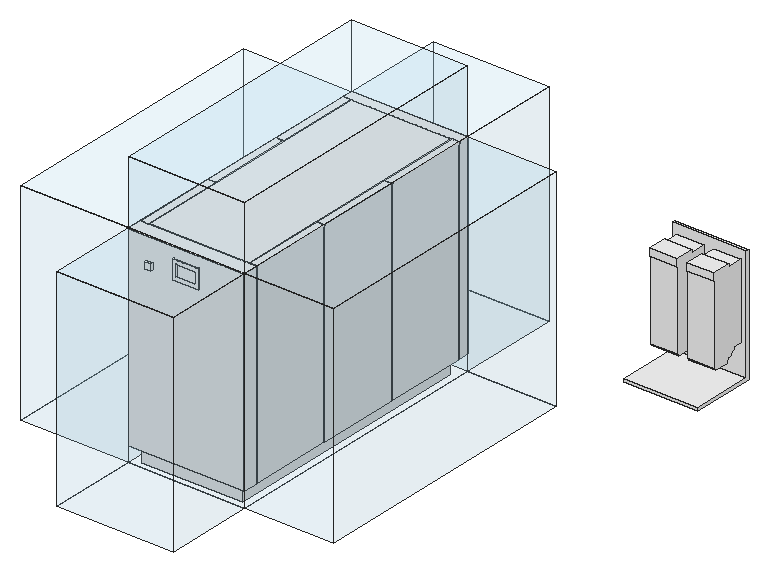
Revit family "VIESSMANN - Vitocal 350-G Pro 352 - C150", category Mechanical Equipment, Revit 2021
Family settings
  Round Connector Dimension = Use Diameter
  Part Type = Normal
  OmniClass Number = 23.75.10.21.17
  OmniClass Title = Water-Source Heat Pumps
  Work Plane-Based = No
  Always vertical = Yes
  Cut with Voids When Loaded = No
  Shared = No
  Room Calculation Point = No
Parameters (values of type "B0/W35")
  Wysokość całkowita = 1652.4 mm
  Waga przetwornicy częstotliwości wraz ze stelażem = 84.40 kg
  Odstęp minimalny pompy ciepła od ściany = "Odstęp minimalny pompy ciepła od ściany"  # constant formula
  Obieg wtórny. Strata ciśnienia przy znamionowym przepływie objętościowym = 10.0 kPa
  Obieg wtórny. Znamionowy przepływ objętościowy = 24.8 m³/h
  Obieg wtórny. Strata ciśnienia przy minimalnym przepływie objętościowym = 1.0 kPa
  Obieg wtórny. Pojemność wymiennika ciepła (woda) = 30.2 L
  Obieg wtórny. Różnica temperatur = "5 K"
  Obieg wtórny. Minimalny przepływ objętościowy = 8.7 m³/h
  Obieg wtórny. Maks. temperatura na zasilaniu obiegu wtórnego przy zasilaniu solanką z obiegu pierwotnego B –16°C = 56 °C
  Obieg wtórny. Maks. temperatura na zasilaniu obiegu wtórnego przy zasilaniu solanką z obiegu pierwotnego  B –7°C = 62 °C
  Obieg wtórny. Maks. temperatura na zasilaniu obiegu wtórnego przy zasilaniu solanką z obiegu pierwotnego B od –1 do 25°CB –1 = 75 °C
  Obieg pierwotny. Strata ciśnienia przy znamionowym przepływie objętościowym = 27.0 kPa
  Obieg pierwotny. Znamionowy przepływ objętościowy = 32.2 m³/h
  Znamionowe natężenie sprężarek (łącznie) = 63.4 A
  Znamionowa moc grzewcza = 144.6 kW
  Zakres mocy = "17 - 100%"
  Wydajność chłodnicza = 103.7 kW
  Stopień efektywności ∊ (COP) = 3.66
  Obieg pierwotny. Strata ciśnienia przy minimalnym przepływie = 8.0 kPa
  Obieg pierwotny. Pojemność wymiennika ciepła (solanka) = 28.2 L
  Podaj długość odsunięcia przetwornicy [instance] = "Maksymalny odstęp (c/d) - 1000/1400mm, 1500/900mm, 2000/400mm"  # constant formula
  Viessmann Kolor 1 = Viessmann Kolor 1
  URL = "https://www.viessmann.pl/"
  Szerokość całkowita = 911 mm
  Strefa serwisowa [instance] = yes
  Pobór mocy elektrycznej (bez pomp zewnętrznych) = 39.5 kW
  Odsunięcie przetwornicy wzdłuż "c" Rzeczywista [instance] = if([Odsunięcie przetwornicy wzdłuż "c"] > 2000 mm, 2000 mm, if([Odsunięcie przetwornicy wzdłuż "c"] < 500 mm, 500 mm, [Odsunięcie przetwornicy wzdłuż "c"]))  # 1000 mm
  Odsunięcie przetwornicy wzdłuż "c" [instance] = 1000 mm
  Odsunięcie przetwornicy w bok "d" Rzeczywista [instance] = if([Odsunięcie przetwornicy w bok "d"] > 1400 mm, 1400 mm, [Odsunięcie przetwornicy w bok "d"])  # 1400 mm
  Odsunięcie przetwornicy w bok "d" [instance] = 1400 mm
  Minimalna kubatura pomieszczenia = 58.00 m³
  Obieg wtórny. Min. temperatura na zasilaniu zasobnika lodu = 29 °C
  KOMUNIKAT [instance] = "Max. Długość przewodu od obudowy  - 2400 mm"  # constant formula
  Długość strefy serwisowej od ściany prawej = 700 mm  # constant formula
  Długość strefy serwisowej od ściany lewej = 850 mm  # constant formula
  Długość strefy serwisowej od tyłu "b" = 800 mm  # constant formula
  Obieg pierwotny. Różnica temperatur = "3 K"
  Obieg pierwotny. Min. temperatura solanki na wlocie na granicy zabezpieczenia przed zamrożeniem –25,2°C (40% obj.) = -16 °C
  Obieg pierwotny. Min. temperatura solanki na wlocie na granicy zabezpieczenia przed zamrożeniem –16,1°C (30% obj.) = -7 °C
  Obieg pierwotny. Granica zabezpieczenia przed zamrożeniem. Źródła ciepła - grunt i woda = -16.1 °C
  Obieg pierwotny. Granica zabezpieczenia przed zamrożeniem. Źródła ciepła -  powietrze i zasobnik lodu = -25.2 °C
  Obieg pierwotny. Minimalny przepływ objętościowy (50% znamionowego przepływu objętościowego w przypadku B0/W35) = 16.1 m³/h
  Masa urządzenia podstwowego = 1450.00 kg
  Manufacturer = "Viessmann Sp. z o.o."
  Długość przewodu od obudowy ciepła (c+d) Rzeczywista [instance] = [Odsunięcie przetwornicy wzdłuż "c"] + [Odsunięcie przetwornicy w bok "d"]  # 2400 mm
  Długość przewodu od obudowy ciepła (c+d) [instance] = if([Odsunięcie przetwornicy wzdłuż "c"] + [Odsunięcie przetwornicy w bok "d"] > 2399 mm, 2400 mm, [Długość przewodu od obudowy ciepła (c+d) Rzeczywista])  # 2400 mm
  Description = "Vitocal 350-G PRO to kompaktowa, monowalentna pompa ciepła typu solanka/woda do ogrzewania, chłodzenia oraz podgrzewu wody użytkowej. Jako źródło ciepła można wykorzystać grunt, wodę gruntową lub powietrze zewnętrzne. Dzięki czterem typom, Vitocal 350-G PRO jest elastycznym rozwiązaniem grzewczym i chłodniczym, spełniającym indywidualne wymagania budynków mieszkalnych, komercyjnych i przemysłowych."
  Model = "Pompy ciepła solanka /woda Vitocal 350-G PRO o temperaturze zasilania do 75°C\r"  # constant formula
  Długość strefy serwisowej od przodu "e" = 700 mm  # constant formula
  Długość całkowita = 2190 mm
  Default Elevation = 0 mm
  Autor = "www.archispace.pl"
Types (3, lengths in mm): name | Obieg wtórny. Strata ciśnienia przy znamionowym przepływie objętościowym | Obieg wtórny. Znamionowy przepływ objętościowy | Obieg wtórny. Strata ciśnienia przy minimalnym przepływie objętościowym | Obieg wtórny. Różnica temperatur | Obieg wtórny. Minimalny przepływ objętościowy | Obieg pierwotny. Strata ciśnienia przy znamionowym przepływie objętościowym | Obieg pierwotny. Znamionowy przepływ objętościowy | Znamionowe natężenie sprężarek (łącznie) | Znamionowa moc grzewcza | Wydajność chłodnicza | Stopień efektywności ∊ (COP) | Obieg pierwotny. Strata ciśnienia przy minimalnym przepływie | Pobór mocy elektrycznej (bez pomp zewnętrznych)
  (no name) | 10.0 kPa | 24.8 m³/h | 1.0 kPa | "5 K" | 8.7 m³/h | 27.0 kPa | 32.2 m³/h | 63.4 A | 144.6 kW | 103.7 kW | 3.66 | 8.0 kPa | 39.5 kW
  B0/W35 | 10.0 kPa | 24.8 m³/h | 1.0 kPa | "5 K" | 8.7 m³/h | 27.0 kPa | 32.2 m³/h | 63.4 A | 144.6 kW | 103.7 kW | 3.66 | 8.0 kPa | 39.5 kW
  B0/W55 | 2.0 kPa | 12.6 m³/h | 0.1 kPa | "8" | 4.2 m³/h | 14.0 kPa | 23.0 m³/h | 69.6 A | 116.7 kW | 72.7 kW | 2.66 | 4.0 kPa | 43.5 kW
Reference planes
  plane 1 "Środek (Przód/Tył)": y = 50
  plane 2: z = 0
  plane 3 "Środek (Lewa/Prawa)": x = 0
  plane 4: y = 50
  plane 5: y = -2140
  plane 6: y = -2140
  plane 7: z = 1652.4
  plane 8: x = 455.5
  plane 9: x = -455.5
  plane 10: x = -1305.5
  plane 11: x = 1155.5
  plane 12: y = -2840
  plane 13: z = 2152.4
Forms (mm)
  Extrusion 1, solid, material "Viessmann Strefy Serwisowe", visible <- "Strefa serwisowa"
    sketch origin (0, 0, 0) x (1, 0, 0) y (0, 1, 0)
      loop
        line (-455.5, 50) -> (-1305.5, 50) -> (-1305.5, -2140) -> (-455.5, -2140) -> (-455.5, 50)
    from 0 to 1652.4
  Extrusion 2, solid, material "Viessmann Strefy Serwisowe", visible <- "Strefa serwisowa"
    sketch origin (0, 0, 0) x (-1, 0, 0) y (0, -1, 0)
      loop
        line (-455.5, -50) -> (-455.5, 2140) -> (-1155.5, 2140) -> (-1155.5, -50) -> (-455.5, -50)
    from 0 to 1652.4
  Extrusion 3, solid, material "Viessmann Strefy Serwisowe", visible <- "Strefa serwisowa"
    sketch origin (1476.269, 2188.659, 0) x (1, 0, 0) y (0, 1, 0)
      loop
        line (-1020.769, -1338.659) -> (-1931.769, -1338.659) -> (-1931.769, -2138.659) -> (-1020.769, -2138.659) -> (-1020.769, -1338.659)
    from 0 to 1652.4
  Extrusion 4, solid, material "Viessmann Strefy Serwisowe", visible <- "Strefa serwisowa"
    sketch origin (1476.269, 248.659, 0) x (1, 0, 0) y (0, 1, 0)
      loop
        line (-1020.769, -2388.659) -> (-1931.769, -2388.659) -> (-1931.769, -3088.659) -> (-1020.769, -3088.659) -> (-1020.769, -2388.659)
    from 0 to 1652.4
  Extrusion 5, solid, material "Viessmann Strefy Serwisowe", visible <- "Strefa serwisowa"
    sketch origin (0, 0, 0) x (1, 0, 0) y (0, 1, 0)
      loop
        line (455.5, 50) -> (-455.5, 50) -> (-455.5, -2140) -> (455.5, -2140) -> (455.5, 50)
    from 1652.4 to 2152.4
Lines and regions (mm)
  reference lines
    curve 1: line (1836.5, 1050, 0) -> (1855.5, 1050, 0)
    curve 2: line (1855.5, 1050, 0) -> (1855.5, 1550, 0)
Dimensions and locks
  "Długość całkowita": plane 5 to plane 1 "Środek (Przód/Tył)"
  "Wysokość całkowita": plane 7 to plane 2
  Extrusion 4 sketch curve to plane 3 "Środek (Lewa/Prawa)" = 455.5 mm
  plane 3 "Środek (Lewa/Prawa)" to Extrusion 4 sketch curve = 455.5 mm
  Extrusion 3 sketch curve to plane 3 "Środek (Lewa/Prawa)" = 455.5 mm
  plane 3 "Środek (Lewa/Prawa)" to Extrusion 3 sketch curve = 455.5 mm
  equal spacing: plane 9, plane 3 "Środek (Lewa/Prawa)", plane 8
  "Szerokość całkowita": plane 9 to plane 8
  "Długość strefy serwisowej od tyłu "b"": Extrusion 3 sketch curve to plane 4
  "Odsunięcie przetwornicy wzdłuż "c" Rzeczywista": plane 4 to curve 1
  "Odsunięcie przetwornicy w bok "d" Rzeczywista": plane 8 to curve 2
  "Długość strefy serwisowej od ściany lewej": plane 10 to plane 9
  "Długość strefy serwisowej od ściany prawej": plane 8 to plane 11
  "Długość strefy serwisowej od przodu "e"": plane 5 to plane 12
  plane 4 to nested 2 = 500 mm
  plane 8 to nested 2 = 820 mm
  locked: plane 13 to plane 7 at 500
  aligned and locked: level to plane 2
  aligned and locked: Extrusion 1 to plane 5
  aligned and locked: Extrusion 1 to Extrusion 2
  aligned and locked: Extrusion 4 to Extrusion 1
  aligned and locked: Extrusion 2 to plane 1 "Środek (Przód/Tył)"
  aligned and locked: plane 7 to Extrusion 1
  aligned and locked: Extrusion 2 to plane 7
  aligned and locked: plane 7 to Extrusion 3
  aligned and locked: plane 7 to Extrusion 4
  aligned and locked: nested 1 to plane 3 "Środek (Lewa/Prawa)"
  aligned and locked: nested 1 to plane 4
  aligned and locked: Extrusion 3 to plane 4
  aligned and locked: Extrusion 3 sketch curve to plane 4
  aligned and locked: plane 4 to Extrusion 1 sketch curve
  aligned and locked: nested 2 to curve 1
  aligned and locked: nested 2 to curve 2
  aligned and locked: Extrusion 1 sketch curve to plane 10
  aligned and locked: Extrusion 2 sketch curve to plane 11
  aligned and locked: Extrusion 2 sketch curve to plane 8
  aligned and locked: Extrusion 1 sketch curve to plane 9
  aligned and locked: Extrusion 4 sketch curve to plane 12
  aligned and locked: Extrusion 5 to plane 7
  aligned and locked: plane 8 to Extrusion 5
  aligned and locked: Extrusion 5 to plane 9
  aligned and locked: Extrusion 5 to plane 5
  aligned and locked: Extrusion 5 to plane 1 "Środek (Przód/Tył)"
Automatic sketch dimensions
  Extrusion 1 sketch curve to plane 5 = 0 mm
  plane 1 "Środek (Przód/Tył)" to Extrusion 2 sketch curve = 0 mm
  plane 5 to Extrusion 2 sketch curve = 0 mm
  Extrusion 4 sketch curve to plane 5 = 0 mm
  plane 1 "Środek (Przód/Tył)" to Extrusion 5 sketch curve = 0 mm
  plane 10 to Extrusion 5 sketch curve = 850 mm
  plane 5 to Extrusion 5 sketch curve = 0 mm
  Extrusion 5 sketch curve to plane 9 = 911 mm
  curve 1 to curve 1 = 19 mm
  curve 1 to curve 2 = 500 mm
Nested families
  nested 1: "Vitocal 350-G PRO 352. typ C150" at (0, 50, 0), type "C150"
  nested 2: "Vitocal - Przetwornica częstotliwości ze stależem" at (1565.5, 800, 0), type "C075. C100. C150"
Connectors
  electrical at (-272.721, -30, 1564.6), driven by "Pobór mocy elektrycznej (bez pomp zewnętrznych)"
    settings: on nested 1, index 2, voltage 400 V, apparent load 39500 VA, apparent load phase1 0 VA, apparent load phase2 0 VA, apparent load phase3 0 VA, power factor 1, load classification "Other", number of poles 1, system type 30, power factor state 1, is connector primary yes, connector utility no, sub classification motor no, connector description ""
  piping at (-79.75, 265, 1115.002), diameter 88
    settings: on nested 1, index 3, connector inside diameter 609.6 mm, connector length 0 mm, flow factor 0, pipe flow 0.0 m³/h, pressure drop 0.0 kPa, fitting loss kfactor 0, connector angle 0.00°, fixture units 0, engagement length 0 mm, angle of deflection 0.00°, flow configuration 0, flow direction 0, fitting loss method 0, system type 7, joint type 0, gender type 0, connector reference index -1, connector utility 0, adjustable connector no, is connector primary yes, connector description ""
  piping at (-79.75, 265, 518.002), diameter 88
    settings: on nested 1, index 4, connector inside diameter 609.6 mm, connector length 0 mm, flow factor 0, pipe flow 0.0 m³/h, pressure drop 0.0 kPa, fitting loss kfactor 0, connector angle 0.00°, fixture units 0, engagement length 0 mm, angle of deflection 0.00°, flow configuration 0, flow direction 0, fitting loss method 0, system type 8, joint type 0, gender type 0, connector reference index -1, connector utility 0, adjustable connector no, is connector primary no, connector description ""
  piping at (131.001, 215, 1359.502), diameter 88
    settings: on nested 1, index 5, connector inside diameter 609.6 mm, connector length 0 mm, flow factor 0, pipe flow 0.0 m³/h, pressure drop 0.0 kPa, fitting loss kfactor 0, connector angle 0.00°, fixture units 0, engagement length 0 mm, angle of deflection 0.00°, flow configuration 0, flow direction 0, fitting loss method 0, system type 7, joint type 0, gender type 0, connector reference index -1, connector utility 0, adjustable connector no, is connector primary no, connector description ""
  piping at (131.001, 215, 762.502), diameter 88
    settings: on nested 1, index 6, connector inside diameter 609.6 mm, connector length 0 mm, flow factor 0, pipe flow 0.0 m³/h, pressure drop 0.0 kPa, fitting loss kfactor 0, connector angle 0.00°, fixture units 0, engagement length 0 mm, angle of deflection 0.00°, flow configuration 0, flow direction 0, fitting loss method 0, system type 8, joint type 0, gender type 0, connector reference index -1, connector utility 0, adjustable connector no, is connector primary no, connector description ""
Definition of nested family "Vitocal 350-G PRO 352. typ C150"
  Parameters (values of type "C150")
    Wysokość = 1652.4 mm
    Szerokość = 911 mm
    Materiał = none
    Inny odstęp = no
    Długość = 2191 mm
    Default Elevation = 0 mm
  Reference planes
    plane 1 "Center (Front/Back)": y = 0
    plane 2: z = 0
    plane 3 "Center (Left/Right)": x = 0
    plane 4: z = 1652.4
    plane 5: z = 126.2
    plane 6: x = 455.5
    plane 7: x = -455.5
    plane 8: x = -451.5
    plane 9: x = 451.5
    plane 10: y = -4
    plane 11: z = 1115.002
    plane 12: z = 518.002
    plane 13: x = 131.001
    plane 14: x = -79.75
    plane 15: y = -2191
    plane 16: y = -2211
    plane 17: y = -2198
    plane 18: y = 292
    plane 19: x = -395
    plane 20: x = 395
    plane 21: z = 762.502
    plane 22: z = 1359.502
  Forms (mm)
    Extrusion 1, solid, material <- "Materiał", detail levels medium+fine
      sketch origin (0, -876.5, 0) x (1, 0, 0) y (0, 1, 0)
        loop
          line (-398.973, 793.559) -> (-450.996, 793.559)
          arc (-450.996, 793.559) -> (-453.825, 792.387) -> (-454.996, 789.559) r 4
          line (-454.996, 789.559) -> (-454.996, 137.559)
          arc (-454.996, 137.559) -> (-453.825, 134.731) -> (-450.996, 133.559) r 4
          line (-450.996, 133.559) -> (-398.973, 133.559)
          arc (-398.973, 133.559) -> (-396.144, 134.731) -> (-394.973, 137.559) r 4
          line (-394.973, 137.559) -> (-394.973, 789.559)
          arc (-394.973, 789.559) -> (-396.144, 792.387) -> (-398.973, 793.559) r 4
        loop
          line (-398.973, 130.559) -> (-450.996, 130.559)
          arc (-450.996, 130.559) -> (-453.825, 129.387) -> (-454.996, 126.559) r 4
          line (-454.996, 126.559) -> (-454.996, -525.441)
          arc (-454.996, -525.441) -> (-453.825, -528.269) -> (-450.996, -529.441) r 4
          line (-450.996, -529.441) -> (-398.973, -529.441)
          arc (-398.973, -529.441) -> (-396.144, -528.269) -> (-394.973, -525.441) r 4
          line (-394.973, -525.441) -> (-394.973, 126.559)
          arc (-394.973, 126.559) -> (-396.144, 129.387) -> (-398.973, 130.559) r 4
        loop
          line (-398.973, -532.336) -> (-450.996, -532.336)
          arc (-450.996, -532.336) -> (-453.825, -533.508) -> (-454.996, -536.336) r 4
          line (-454.996, -536.336) -> (-454.996, -1188.336)
          arc (-454.996, -1188.336) -> (-453.825, -1191.165) -> (-450.996, -1192.336) r 4
          line (-450.996, -1192.336) -> (-398.973, -1192.336)
          arc (-398.973, -1192.336) -> (-396.144, -1191.165) -> (-394.973, -1188.336) r 4
          line (-394.973, -1188.336) -> (-394.973, -536.336)
          arc (-394.973, -536.336) -> (-396.144, -533.508) -> (-398.973, -532.336) r 4
        loop
          line (451.5, 793.559) -> (399.476, 793.559)
          arc (399.476, 793.559) -> (396.648, 792.387) -> (395.476, 789.559) r 4
          line (395.476, 789.559) -> (395.476, 137.559)
          arc (395.476, 137.559) -> (396.648, 134.731) -> (399.476, 133.559) r 4
          line (399.476, 133.559) -> (451.5, 133.559)
          arc (451.5, 133.559) -> (454.328, 134.731) -> (455.5, 137.559) r 4
          line (455.5, 137.559) -> (455.5, 789.559)
          arc (455.5, 789.559) -> (454.328, 792.387) -> (451.5, 793.559) r 4
        loop
          line (451.5, 130.559) -> (399.476, 130.559)
          arc (399.476, 130.559) -> (396.648, 129.387) -> (395.476, 126.559) r 4
          line (395.476, 126.559) -> (395.476, -525.441)
          arc (395.476, -525.441) -> (396.648, -528.269) -> (399.476, -529.441) r 4
          line (399.476, -529.441) -> (451.5, -529.441)
          arc (451.5, -529.441) -> (454.328, -528.269) -> (455.5, -525.441) r 4
          line (455.5, -525.441) -> (455.5, 126.559)
          arc (455.5, 126.559) -> (454.328, 129.387) -> (451.5, 130.559) r 4
        loop
          line (451.5, -532.336) -> (399.476, -532.336)
          arc (399.476, -532.336) -> (396.648, -533.508) -> (395.476, -536.336) r 4
          line (395.476, -536.336) -> (395.476, -1188.336)
          arc (395.476, -1188.336) -> (396.648, -1191.165) -> (399.476, -1192.336) r 4
          line (399.476, -1192.336) -> (451.5, -1192.336)
          arc (451.5, -1192.336) -> (454.328, -1191.165) -> (455.5, -1188.336) r 4
          line (455.5, -1188.336) -> (455.5, -536.336)
          arc (455.5, -536.336) -> (454.328, -533.508) -> (451.5, -532.336) r 4
        loop
          arc (392.53, 789.559) -> (391.358, 792.387) -> (388.53, 793.559) r 4
          line (388.53, 793.559) -> (-388.07, 793.559)
          arc (-388.07, 793.559) -> (-390.898, 792.387) -> (-392.07, 789.559) r 4
          line (-392.07, 789.559) -> (-392.07, -1188.336)
          arc (-392.07, -1188.336) -> (-390.898, -1191.165) -> (-388.07, -1192.336) r 4
          line (-388.07, -1192.336) -> (388.53, -1192.336)
          arc (388.53, -1192.336) -> (391.358, -1191.165) -> (392.53, -1188.336) r 4
          line (392.53, -1188.336) -> (392.53, 789.559)
        loop
          arc (-451.5, -1194.5) -> (-454.328, -1195.672) -> (-455.5, -1198.5) r 4
          line (-455.5, -1198.5) -> (-455.5, -1310.5)
          arc (-455.5, -1310.5) -> (-454.328, -1313.328) -> (-451.5, -1314.5) r 4
          line (-451.5, -1314.5) -> (451.5, -1314.5)
          arc (451.5, -1314.5) -> (454.328, -1313.328) -> (455.5, -1310.5) r 4
          line (455.5, -1310.5) -> (455.5, -1198.5)
          arc (455.5, -1198.5) -> (454.328, -1195.672) -> (451.5, -1194.5) r 4
          line (451.5, -1194.5) -> (-451.5, -1194.5)
        loop
          arc (-451.5, 876.5) -> (-454.328, 875.328) -> (-455.5, 872.5) r 4
          line (-455.5, 872.5) -> (-455.5, 800.5)
          arc (-455.5, 800.5) -> (-454.328, 797.672) -> (-451.5, 796.5) r 4
          line (-451.5, 796.5) -> (451.5, 796.5)
          arc (451.5, 796.5) -> (454.328, 797.672) -> (455.5, 800.5) r 4
          line (455.5, 800.5) -> (455.5, 872.5)
          arc (455.5, 872.5) -> (454.328, 875.328) -> (451.5, 876.5) r 4
          line (451.5, 876.5) -> (-451.5, 876.5)
      from 126.2 to 1652.4
    Extrusion 2, solid, material <- "Materiał", detail levels fine
      sketch origin (0, 177.022, 0) x (0, 1, 0) y (0, 0, 1)
        loop
          line (-278.072, 126.2) -> (-2313.122, 126.2) -> (-2313.122, 0) -> (-278.072, 0) -> (-278.072, 126.2)
      from -395 to 395
    Extrusion 3, solid, material <- "Materiał", detail levels fine
      sketch origin (0, 0, -4) x (1, 0, 0) y (0, 0, 1)
        loop
          line (-313.5, 1431.4) -> (-263.5, 1431.4) -> (-263.5, 1481.4) -> (-313.5, 1481.4) -> (-313.5, 1431.4)
      from 2191 to 2211
    Extrusion 4, void
      sketch origin (-19.603, -5, 1652.4) x (0, 0, -1) y (-1, 0, 0)
        loop
          line (121.45, -305.332) -> (121.45, -111.832) -> (58.95, -111.832) -> (58.95, -305.332) -> (121.45, -305.332)
        loop
          line (121.45, -55.332) -> (121.45, 138.168) -> (58.95, 138.168) -> (58.95, -55.332) -> (121.45, -55.332)
        loop
          circle (90.2, 253.118) r 69
        loop
          circle (291.5, -150.603) r 100
        loop
          circle (536, 60.397) r 85
        loop
          circle (888.5, -150.603) r 100
        loop
          circle (1133, 60.397) r 85
        loop
          circle (1348.7, -207.332) r 8.5
        loop
          circle (1348.7, -182.332) r 8.5
        loop
          circle (1348.7, -132.332) r 25.5
        loop
          circle (1348.7, -57.332) r 25.5
        loop
          circle (1348.7, 17.668) r 20.5
        loop
          circle (1348.7, 92.668) r 20.5
        loop
          circle (1348.7, 142.668) r 8.5
        loop
          circle (1348.7, 167.668) r 8.5
      from -77.941 to 5
    Extrusion 5, solid, material <- "Materiał", detail levels fine
      sketch origin (0, 0, 0) x (1, 0, 0) y (0, 0, 1)
        loop
          line (-100, 1416.675) -> (100, 1416.675) -> (100, 1566.676) -> (-100, 1566.676) -> (-100, 1416.675)
        loop
          line (-76.25, 1445.955) -> (76.25, 1445.955) -> (76.25, 1537.425) -> (-76.25, 1537.425) -> (-76.25, 1445.955)
      from 2198.075 to 2191
    Extrusion 6, solid, material <- "Materiał", detail levels medium
      sketch origin (0, 177.022, 0) x (0, 1, 0) y (0, 0, 1)
        loop
          line (-241.022, 126.2) -> (-2240.023, 126.2) -> (-2240.023, 0) -> (-241.022, 0) -> (-241.022, 126.2)
      from -391.5 to 391.5
    Extrusion 7, solid, material <- "Materiał", detail levels coarse
      sketch origin (0, 0, 0) x (1, 0, 0) y (0, 1, 0)
        loop
          line (-455.5, 0) -> (-455.5, -2190) -> (455.5, -2190) -> (455.5, 0) -> (-455.5, 0)
      from 0 to 1652.4
    Revolve 8, solid, detail levels medium+fine
      sketch origin (131.001, -2196, 1534.354) x (0, 0, 1) y (0, 1, 0)
        loop
          line (-117.852, 2116) -> (-117.852, 2319.397) -> (-106.852, 2341) -> (-64.852, 2341) -> (-64.852, 2358) -> (-95.568, 2358) -> (-95.568, 2361) -> (-174.852, 2361) -> (-174.852, 2116) -> (-117.852, 2116)
        axis (-174.852, 2361) -> (-174.852, 2116)
      angle from 0 to 360
    Revolve 9, solid, detail levels medium+fine
      sketch origin (131.001, -2196, 959.2) x (0, 0, 1) y (0, 1, 0)
        loop
          line (-139.698, 2116) -> (-139.698, 2319.397) -> (-128.698, 2341) -> (-86.698, 2341) -> (-86.698, 2358) -> (-117.413, 2358) -> (-117.413, 2361) -> (-196.698, 2361) -> (-196.698, 2116) -> (-139.698, 2116)
        axis (-196.698, 2361) -> (-196.698, 2116)
      angle from 0 to 360
    Revolve 10, solid, detail levels medium+fine
      sketch origin (-79.75, -2196, 1153.398) x (0, 0, 1) y (0, 1, 0)
        loop
          line (5.604, 2116) -> (5.604, 2372) -> (16.604, 2391) -> (61.604, 2391) -> (61.604, 2408) -> (31.378, 2408) -> (31.378, 2411) -> (-38.396, 2411) -> (-38.396, 2116) -> (5.604, 2116)
        axis (-38.396, 2411) -> (-38.396, 2116)
      angle from 0 to 360
    Revolve 11, solid, detail levels medium+fine
      sketch origin (-79.75, -2196, 623.398) x (0, 0, 1) y (0, 1, 0)
        loop
          line (-61.396, 2116) -> (-61.396, 2372) -> (-50.396, 2391) -> (-5.396, 2391) -> (-5.396, 2408) -> (-35.622, 2408) -> (-35.622, 2411) -> (-105.396, 2411) -> (-105.396, 2116) -> (-61.396, 2116)
        axis (-105.396, 2411) -> (-105.396, 2116)
      angle from 0 to 360
  Cuts and joins
    Extrusion 4 cuts Extrusion 1
  Dimensions and locks
    "Wysokość": plane 4 to level
    locked: plane 5 to level at 126.2
    equal spacing: plane 6, plane 3 "Center (Left/Right)", plane 7
    "Szerokość": plane 6 to plane 7
    locked: plane 7 to plane 8 at 4
    locked: plane 9 to plane 6 at 4
    plane 9 to plane 20 = 56.5 mm
    locked: plane 1 "Center (Front/Back)" to Extrusion 6 sketch curve at 64
    locked: plane 8 to Extrusion 6 at 60
    locked: plane 9 to Extrusion 6 at 60
    plane 8 to plane 9 = 903 mm
    level to Extrusion 6 = 126.2 mm
    locked: plane 10 to plane 1 "Center (Front/Back)" at 4
    locked: plane 1 "Center (Front/Back)" to plane 18 at 292
    locked: plane 8 to plane 19 at 56.5
    locked: plane 18 to plane 1 "Center (Front/Back)" at 292
    locked: plane 15 to plane 16 at 20
    "Długość": plane 1 "Center (Front/Back)" to plane 15
    aligned and locked: level to plane 2
    aligned and locked: plane 7 to Extrusion 7 sketch curve
    aligned and locked: Extrusion 7 sketch curve to plane 6
    aligned and locked: Extrusion 7 to level
    aligned and locked: plane 4 to Extrusion 7
    aligned and locked: Extrusion 1 to Extrusion 2
    aligned and locked: Extrusion 7 to plane 1 "Center (Front/Back)"
    aligned and locked: Revolve 10 sketch curve to cut or joined group of Extrusion 1, Extrusion 4
    aligned and locked: Revolve 8 sketch curve to cut or joined group of Extrusion 1, Extrusion 4
    aligned and locked: Revolve 9 sketch curve to cut or joined group of Extrusion 1, Extrusion 4
    aligned and locked: Revolve 11 sketch curve to cut or joined group of Extrusion 1, Extrusion 4
    aligned and locked: plane 22 to Revolve 8 sketch curve  (x2)
  Automatic sketch dimensions
    Extrusion 2 sketch curve to plane 5 = 0 mm
    Extrusion 2 sketch curve to level = 0 mm
    plane 10 to Extrusion 2 sketch curve = 97.05 mm
    Extrusion 3 sketch curve to plane 8 = 138 mm
    Extrusion 3 sketch curve to Extrusion 3 sketch curve = 50 mm  (x2)
    Extrusion 3 sketch curve to plane 4 = 225 mm
    Extrusion 4 sketch curve to Extrusion 4 sketch curve = 62.5 mm  (x2)
    Extrusion 4 sketch curve to Extrusion 4 sketch curve = 193.5 mm  (x2)
    Extrusion 4 sketch curve to Extrusion 4 sketch curve = 56.5 mm
    Extrusion 4 sketch curve to Extrusion 4 sketch curve = 114.95 mm
    plane 14 to Extrusion 5 sketch curve = 20.25 mm
    Extrusion 5 sketch curve to plane 14 = 3.5 mm
    plane 3 "Center (Left/Right)" to Extrusion 5 sketch curve = 76.25 mm
    Extrusion 5 sketch curve to Extrusion 5 sketch curve = 23.75 mm
    Extrusion 5 sketch curve to plane 4 = 235.725 mm
    Extrusion 5 sketch curve to Extrusion 5 sketch curve = 29.28 mm
    Extrusion 5 sketch curve to Extrusion 5 sketch curve = 91.47 mm
    Extrusion 5 sketch curve to Extrusion 5 sketch curve = 29.251 mm
    Extrusion 6 sketch curve to plane 5 = 0 mm
    Extrusion 6 sketch curve to level = 0 mm
    plane 1 "Center (Front/Back)" to Extrusion 7 sketch curve = 0 mm
    Revolve 8 sketch curve to Revolve 8 sketch curve = 30.716 mm
    Revolve 8 sketch curve to Revolve 8 sketch curve = 17 mm
    Revolve 8 sketch curve to Revolve 8 sketch curve = 66.196 mm
    Revolve 8 sketch curve to Revolve 8 sketch curve = 271.343 mm
    Revolve 9 sketch curve to plane 12 = 244.5 mm  (x2)
    Revolve 9 sketch curve to Revolve 9 sketch curve = 30.716 mm
    Revolve 9 sketch curve to Revolve 9 sketch curve = 17 mm
    Revolve 9 sketch curve to Revolve 9 sketch curve = 66.196 mm
    Revolve 9 sketch curve to Revolve 9 sketch curve = 271.343 mm
    Revolve 10 sketch curve to plane 11 = 0 mm  (x2)
    Revolve 10 sketch curve to plane 11 = 44 mm
    Revolve 10 sketch curve to Revolve 10 sketch curve = 11 mm
    Revolve 10 sketch curve to Revolve 10 sketch curve = 14.773 mm
    Revolve 10 sketch curve to Revolve 10 sketch curve = 30.227 mm
    Revolve 10 sketch curve to Revolve 10 sketch curve = 19 mm
    Revolve 10 sketch curve to Revolve 10 sketch curve = 17 mm
    Revolve 10 sketch curve to Revolve 10 sketch curve = 20 mm
    Revolve 10 sketch curve to Revolve 10 sketch curve = 66.196 mm
    Revolve 10 sketch curve to Revolve 10 sketch curve = 221.343 mm
    Revolve 11 sketch curve to plane 12 = 0 mm  (x2)
    Revolve 11 sketch curve to plane 12 = 44 mm
    Revolve 11 sketch curve to Revolve 11 sketch curve = 11 mm
    Revolve 11 sketch curve to Revolve 11 sketch curve = 14.773 mm
    Revolve 11 sketch curve to Revolve 11 sketch curve = 30.227 mm
    Revolve 11 sketch curve to Revolve 11 sketch curve = 19 mm
    Revolve 11 sketch curve to Revolve 11 sketch curve = 17 mm
    Revolve 11 sketch curve to Revolve 11 sketch curve = 20 mm
    Revolve 11 sketch curve to Revolve 11 sketch curve = 66.196 mm
    Revolve 11 sketch curve to Revolve 11 sketch curve = 221.343 mm
    Extrusion 1 sketch curve to plane 9 = 0 mm  (x10)
    Extrusion 1 sketch curve to plane 6 = 0 mm  (x5)
    Extrusion 1 sketch curve to Extrusion 1 sketch curve = 52.024 mm  (x4)
    Extrusion 1 sketch curve to Extrusion 1 sketch curve = 0 mm  (x5)
    Extrusion 1 sketch curve to Extrusion 1 sketch curve = 4 mm  (x13)
    Extrusion 1 sketch curve to plane 8 = 56.527 mm  (x2)
    Extrusion 1 sketch curve to plane 8 = 0.504 mm  (x6)
    plane 7 to Extrusion 1 sketch curve = 0.504 mm  (x3)
    Extrusion 1 sketch curve to Extrusion 1 sketch curve = 2.895 mm  (x2)
    Extrusion 1 sketch curve to Extrusion 1 sketch curve = 3 mm  (x2)
    plane 10 to Extrusion 1 sketch curve = 82.941 mm  (x2)
    Extrusion 1 sketch curve to Extrusion 1 sketch curve = 6.946 mm
    Extrusion 1 sketch curve to Extrusion 1 sketch curve = 2.946 mm
    Extrusion 1 sketch curve to Extrusion 1 sketch curve = 6.903 mm
    Extrusion 1 sketch curve to plane 8 = 0 mm  (x4)
    Extrusion 1 sketch curve to Extrusion 1 sketch curve = 2.164 mm
    Extrusion 1 sketch curve to plane 7 = 0 mm  (x2)
    Extrusion 1 sketch curve to plane 10 = 4 mm
    Extrusion 1 sketch curve to Extrusion 1 sketch curve = 6.941 mm
    Extrusion 4 sketch curve to plane 4 = 58.95 mm  (x2)
    Extrusion 4 sketch curve to plane 4 = 90.2 mm
    Extrusion 4 sketch curve to plane 13 = 154.729 mm
    Extrusion 1 sketch curve to Extrusion 1 sketch curve = 112 mm
    Extrusion 1 sketch curve to Extrusion 1 sketch curve = 652 mm  (x5)
    Extrusion 2 sketch curve to Extrusion 2 sketch curve = 2035.05 mm
    Extrusion 6 sketch curve to Extrusion 6 sketch curve = 1999 mm
    plane 10 to Extrusion 7 sketch curve = 2186 mm
    Revolve 10 sketch curve to plane 1 "Center (Front/Back)" = 176 mm
    Revolve 11 sketch curve to plane 1 "Center (Front/Back)" = 176 mm
    Revolve 9 sketch curve to plane 21 = 57 mm
    Revolve 9 sketch curve to Revolve 9 sketch curve = 11 mm
    Revolve 9 sketch curve to Revolve 9 sketch curve = 11.284 mm
    Revolve 9 sketch curve to Revolve 9 sketch curve = 203.397 mm
    Revolve 9 sketch curve to Revolve 9 sketch curve = 21.603 mm
    Revolve 9 sketch curve to Revolve 9 sketch curve = 3 mm
    Revolve 8 sketch curve to plane 22 = 68 mm
    Revolve 8 sketch curve to Revolve 8 sketch curve = 11 mm
    Revolve 8 sketch curve to Revolve 8 sketch curve = 11.284 mm
    Revolve 8 sketch curve to plane 1 "Center (Front/Back)" = 123.397 mm
    Revolve 8 sketch curve to Revolve 8 sketch curve = 21.603 mm
    Revolve 8 sketch curve to Revolve 8 sketch curve = 3 mm
    radius of Extrusion 4 sketch curve = 69 mm
Definition of nested family "Vitocal - Przetwornica częstotliwości ze stależem"
  Parameters (values of type "C075. C100. C150")
    Wysokość = 910 mm
    Szerokość = 500 mm
    Materiał = none
    Inny odstęp = no
    Długość = 580 mm
    Default Elevation = 0 mm
  Types (2, lengths in mm): name | Wysokość | Długość
    C075. C100. C150 | 910 | 580
    C210 | 1193 | 800
  Reference planes
    plane 1 "Center (Front/Back)": y = 0
    plane 2: z = 0
    plane 3 "Center (Left/Right)": x = 0
    plane 4: z = 910
    plane 5: x = -290
    plane 6: x = 290
    plane 7: y = 250
    plane 8: y = -250
    plane 9: z = 860
    plane 10: x = -145
    plane 11: x = -40
    plane 12: x = -250
    plane 13: z = 170.641
    plane 14: x = 145
    plane 15: x = 40
    plane 16: x = 250
  Forms (mm)
    Extrusion 1, solid, material <- "Materiał", detail levels coarse+medium
      sketch origin (0, 0, 0) x (1, 0, 0) y (0, 1, 0)
        loop
          line (-290, 250) -> (-290, -250) -> (290, -250) -> (290, 250) -> (-290, 250)
      from 0 to 910
    Sweep 2, solid, material <- "Materiał", detail levels fine
      path origin (0, 0, 0) x (1, 0, 0) y (0, 1, 0)
        loop
          line (290, 0) -> (-290, 0)
      profile origin (0, 0, 0) x (0, -1, 0) y (0, 0, 1)
        loop
          line (-250, 0) -> (250, 0) -> (250, 20) -> (-230, 20) -> (-230, 910) -> (-250, 910) -> (-250, 0)
    Sweep 3, solid, material <- "Materiał", detail levels fine
      path origin (0, 219.668, 170.641) x (0, 1, 0) y (-1, 0, 0)
        loop
          line (-219.668, 40) -> (-219.668, 250)
      profile origin (-145, 0, 170.641) x (0, -1, 0) y (0, 0, 1)
        loop
          line (-107.85, 669.3) -> (-230, 669.3) -> (-230, 83.3) -> (-162, 83.3) -> (-162, 65.3) -> (-147, 65.3) -> (-127.5, 45.3) -> (-127.5, 40.3)
          arc (-127.5, 40.3) -> (-124.571, 33.229) -> (-117.5, 30.3) r 10
          line (-117.5, 30.3) -> (-98.5, 30.3) -> (-98.5, 16.3) -> (-91.5, 16.3) -> (-91.5, 12.8) -> (-85.25, 12.8) -> (-85.25, 0) -> (18.25, 0) -> (18.25, 12.8) -> (24.5, 12.8) -> (24.5, 16.65) -> (31.85, 17.036) -> (31.85, 632.8) -> (40.85, 632.8) -> (40.85, 689.359) -> (-107.85, 689.359) -> (-107.85, 669.3)
    Sweep 4, solid, material <- "Materiał", detail levels fine
      path origin (0, 219.668, 170.641) x (0, 1, 0) y (-1, 0, 0)
        loop
          line (-219.668, -40) -> (-219.668, -250)
      profile origin (145, 0, 170.641) x (0, 1, 0) y (0, 0, 1)
        loop
          line (107.85, 669.359) -> (107.85, 689.359) -> (-40.85, 689.359) -> (-40.85, 632.8) -> (-31.85, 632.8) -> (-31.85, 17.036) -> (-24.5, 16.65) -> (-24.5, 12.8) -> (-18.25, 12.8) -> (-18.25, 0) -> (85.25, 0) -> (85.25, 12.8) -> (91.5, 12.8) -> (91.5, 16.3) -> (98.5, 16.3) -> (98.5, 30.3) -> (117.5, 30.3)
          arc (117.5, 30.3) -> (124.571, 33.229) -> (127.5, 40.3) r 10
          line (127.5, 40.3) -> (127.5, 45.3) -> (147, 65.3) -> (162, 65.3) -> (162, 83.3) -> (230, 83.3) -> (230, 669.359) -> (107.85, 669.359)
  Dimensions and locks
    "Wysokość": plane 4 to level
    equal spacing: plane 7, plane 1 "Center (Front/Back)", plane 8
    equal spacing: plane 5, plane 3 "Center (Left/Right)", plane 6
    "Szerokość": plane 7 to plane 8
    "Długość": plane 5 to plane 6
    locked: plane 7 to Sweep 2 sketch curve at 20
    locked: Extrusion 1 to Sweep 2 sketch curve at 20
    equal spacing: plane 3 "Center (Left/Right)", plane 10, plane 5
    locked: plane 4 to plane 9 at 50
    locked: plane 13 to level at 170.641
    locked: plane 9 to Sweep 4 sketch curve at 20
    locked: plane 5 to plane 12 at 40
    locked: plane 16 to plane 6 at 40
    locked: plane 11 to plane 15 at 80
    aligned and locked: level to plane 2
    aligned and locked: plane 5 to Extrusion 1 sketch curve
    aligned and locked: Extrusion 1 sketch curve to plane 7
    aligned and locked: Extrusion 1 sketch curve to plane 6
    aligned and locked: plane 8 to Extrusion 1 sketch curve
    aligned and locked: plane 4 to Extrusion 1
    aligned and locked: plane 5 to Sweep 2 sketch curve
    aligned and locked: plane 6 to Sweep 2 sketch curve
    aligned and locked: Sweep 2 sketch curve to plane 7
    aligned and locked: Sweep 2 sketch curve to plane 4
    aligned and locked: Sweep 2 sketch curve to plane 2
    aligned and locked: Sweep 2 sketch curve to plane 8
    aligned and locked: Sweep 3 sketch curve to plane 1 "Center (Front/Back)"
    aligned and locked: plane 12 to Sweep 3 sketch curve
    aligned and locked: plane 11 to Sweep 3 sketch curve
    aligned and locked: Sweep 3 sketch curve to plane 9
    aligned and locked: Sweep 2 to Sweep 3 sketch curve
    aligned and locked: Sweep 4 sketch curve to plane 9
    aligned and locked: Sweep 4 sketch curve to plane 13
  Automatic sketch dimensions
    plane 1 "Center (Front/Back)" to Sweep 2 sketch curve = 0 mm
    Sweep 3 sketch curve to plane 13 = 0 mm
    Sweep 3 sketch curve to Sweep 3 sketch curve = 68 mm
    plane 13 to Sweep 3 sketch curve = 65.3 mm
    Sweep 3 sketch curve to Sweep 3 sketch curve = 15 mm
    Sweep 3 sketch curve to Sweep 3 sketch curve = 19.5 mm
    Sweep 3 sketch curve to Sweep 3 sketch curve = 10 mm
    profile plane to Sweep 3 sketch curve = 107.85 mm
    Sweep 3 sketch curve to Sweep 3 sketch curve = 19 mm
    plane 13 to Sweep 3 sketch curve = 16.3 mm
    Sweep 3 sketch curve to Sweep 3 sketch curve = 7 mm
    plane 13 to Sweep 3 sketch curve = 12.8 mm  (x2)
    Sweep 3 sketch curve to Sweep 3 sketch curve = 0 mm  (x3)
    Sweep 3 sketch curve to Sweep 3 sketch curve = 6.25 mm  (x2)
    Sweep 3 sketch curve to profile plane = 18.25 mm
    Sweep 3 sketch curve to profile plane = 31.85 mm
    Sweep 3 sketch curve to Sweep 3 sketch curve = 9 mm
    Sweep 3 sketch curve to Sweep 3 sketch curve = 3.85 mm
    Sweep 3 sketch curve to Sweep 3 sketch curve = 0.387 mm
    Sweep 3 sketch curve to Sweep 3 sketch curve = 14 mm
    Sweep 3 sketch curve to Sweep 3 sketch curve = 5 mm
    Sweep 3 sketch curve to Sweep 3 sketch curve = 18 mm
    Sweep 3 sketch curve to Sweep 3 sketch curve = 56.559 mm
    Sweep 3 sketch curve to Sweep 3 sketch curve = 20.059 mm
    plane 1 "Center (Front/Back)" to Sweep 4 sketch curve = 0 mm
    Sweep 4 sketch curve to plane 6 = 40 mm
    plane 3 "Center (Left/Right)" to Sweep 4 sketch curve = 40 mm
    profile plane to Sweep 4 sketch curve = 40.85 mm
    profile plane to Sweep 4 sketch curve = 31.85 mm
    Sweep 4 sketch curve to Sweep 4 sketch curve = 7.35 mm
    Sweep 4 sketch curve to Sweep 4 sketch curve = 6.25 mm  (x2)
    Sweep 4 sketch curve to profile plane = 85.25 mm
    Sweep 4 sketch curve to Sweep 4 sketch curve = 0 mm  (x3)
    Sweep 4 sketch curve to Sweep 4 sketch curve = 7 mm
    Sweep 4 sketch curve to profile plane = 107.85 mm
    Sweep 4 sketch curve to Sweep 4 sketch curve = 19 mm
    Sweep 4 sketch curve to Sweep 4 sketch curve = 10 mm
    plane 13 to Sweep 4 sketch curve = 65.3 mm
    Sweep 4 sketch curve to Sweep 4 sketch curve = 19.5 mm
    Sweep 4 sketch curve to Sweep 4 sketch curve = 15 mm
    Sweep 4 sketch curve to Sweep 4 sketch curve = 68 mm
    plane 13 to Sweep 4 sketch curve = 12.8 mm  (x2)
    Sweep 4 sketch curve to Sweep 4 sketch curve = 3.5 mm
    Sweep 4 sketch curve to Sweep 4 sketch curve = 3.85 mm
    Sweep 4 sketch curve to Sweep 4 sketch curve = 0.387 mm
    Sweep 4 sketch curve to Sweep 4 sketch curve = 14 mm
    Sweep 4 sketch curve to Sweep 4 sketch curve = 5 mm
    Sweep 4 sketch curve to Sweep 4 sketch curve = 18 mm
    Sweep 4 sketch curve to Sweep 4 sketch curve = 36.559 mm
